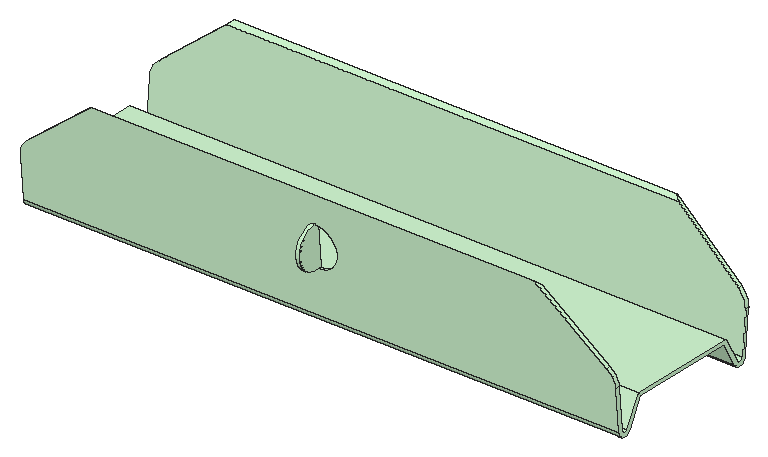
Revit family "joint_cs19", category 機械設備, Revit 2020
Family settings
  丸型コネクタ寸法 = 直径を使用
  種別 = なし
  パーツ タイプ = 標準
  作業面ベース = いいえ
  常に垂直 = はい
  ロード時にボイドで切り取り = いいえ
  共有 = いいえ
  部屋計算ポイント = いいえ
Parameters
  製造元 = "株式会社桐井製作所"
  既定の高さ = 0 mm
  URL = "https://www.kirii.co.jp/"
  K_材質 = "SGCC　一般用"
  K_品名 = "CS-19用ジョイント"
  K_名称 = "野縁ジョイント"
  K_単位質量(kg/個) = 0.02
  K_入数 = "400"
  K_バージョン情報 = "20210524"
  K_めっき付着量 = "Z12"
  K_JIS規格 = "JIS G 3302"
  K_JIS外 [instance] = not(K_JIS)  # no
  K_JIS [instance] = yes
Reference planes
  plane 1 "中心(正面/背面)": y = 0
  plane 2: z = 0
  plane 3 "中心(左/右)": x = 0
Forms (mm)
  Extrusion 1, solid
    sketch origin (0, 0, 0) x (0, 1, 0) y (0, 0, 1)
      loop
        line (12.163, 16.608) -> (10.718, 0.957)
        arc (10.718, 0.957) -> (10.344, 0.539) -> (9.836, 0.777) r 0.47
        line (9.836, 0.777) -> (7.817, 4.53) -> (-7.817, 4.53) -> (-9.836, 0.777)
        arc (-9.836, 0.777) -> (-10.344, 0.539) -> (-10.718, 0.957) r 0.47
        line (-10.718, 0.957) -> (-12.163, 16.608) -> (-12.746, 17.151) -> (-11.246, 0.908)
        arc (-11.246, 0.908) -> (-10.449, 0.02) -> (-9.369, 0.526) r 1
        line (-9.369, 0.526) -> (-7.5, 4) -> (7.5, 4) -> (9.369, 0.526)
        arc (9.369, 0.526) -> (10.449, 0.02) -> (11.246, 0.908) r 1
        line (11.246, 0.908) -> (12.746, 17.151) -> (12.163, 16.608)
    from -42.5 to 42.5
  Extrusion 2, solid
    sketch origin (0, 0, 0) x (0, 1, 0) y (0, 0, 1)
      loop
        arc (-12.378, 13.168) -> (-15.089, 9.905) -> (-11.826, 7.194) r 3
        line (-11.826, 7.194) -> (-12.378, 13.168)
    from -0.5 to 0
  Extrusion 3, void
    sketch origin (0, 0, 0) x (1, 0, 0) y (0, 0, 1)
      loop
        arc (0, 7.2) -> (3, 10.2) -> (0, 13.2) r 3
        line (0, 13.2) -> (0, 7.2)
    from 11.251 to 12.395
  Extrusion 4, void
    sketch origin (0, 0, 0) x (1, 0, 0) y (0, 0, 1)
      loop
        line (-41.4, 9.1) -> (-31.56, 17.151) -> (-42.5, 17.151) -> (-42.5, 6.778)
        arc (-42.5, 6.778) -> (-42.211, 8.063) -> (-41.4, 9.1) r 3
      loop
        line (31.56, 17.151) -> (41.4, 9.1)
        arc (41.4, 9.1) -> (42.211, 8.063) -> (42.5, 6.778) r 3
        line (42.5, 6.778) -> (42.5, 17.151) -> (31.56, 17.151)
    from -12.746 to 12.746
Cuts and joins
  Extrusion 3, Extrusion 4 cuts Extrusion 1
  joined: Extrusion 1, Extrusion 2
Dimensions and locks
  aligned and locked: level to plane 2
